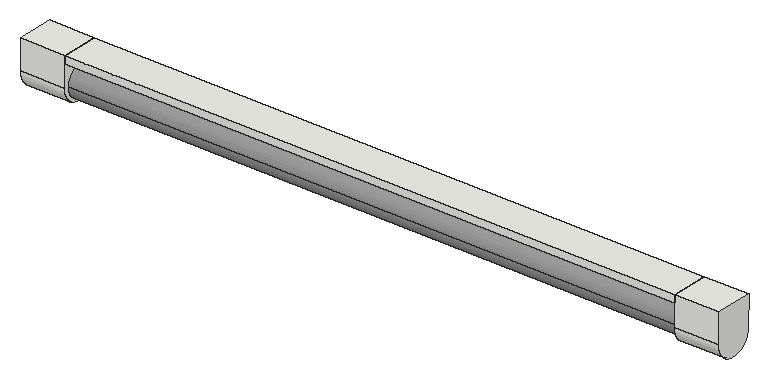
Revit family "M_Luminária embutida - Embutida em armário", category Luminárias, Revit 2019
Family settings
  Cota do conector redondo = Utilizar diâmetro
  Tipo de parte = Normal
  Número OmniClass = 23.80.70.11.14.11
  Título OmniClass = Downlights
  ID de item do Seek = Downlight - Under Cabinet-0000-CAN-ENU
  Com base no plano de trabalho = Não
  Sempre na vertical = Sim
  Corte com vazios quando carregada = Não
  Fonte luminosa = Sim
  Compartilhado = Não
  Ponto de cálculo do ambiente = Não
Parameters (values of type "120V")
  Wattage = 8 W
  built-in parameter 1150110 = 1 (stored number, unit not read)
  built-in parameter 1114217 = 0.88 (stored number, unit not read)
  built-in parameter 1150109 = 1 (stored number, unit not read)
  built-in parameter 1150134 = 8
  built-in parameter 1150113 = 1 (stored number, unit not read)
  Tilt Angle = 90.00°
  Arquivo de rede fotométrica = "DUC1T8.IES"
  built-in parameter 1150115 = 1 (stored number, unit not read)
  built-in parameter 1150105 = 31.831 (stored number, unit not read)
  Classificação de carga = Iluminação - Unidade de interrupção
  built-in parameter 1150137 = 1
  built-in parameter 1150139 = (empty or 0)
  built-in parameter 1150112 = 1 (stored number, unit not read)
  built-in parameter 1150114 = 1 (stored number, unit not read)
  built-in parameter 1150132 = (empty or 0)
  built-in parameter 1150102 = (empty or 0)
  built-in parameter 1150138 = (empty or 0)
  built-in parameter 1150107 = 4230 (stored number, unit not read)
  built-in parameter 1150106 = 0.31831 (stored number, unit not read)
  Emitir do comprimento da linha = Comprimento da luz - 38 mm  # 262 mm
  built-in parameter 1150104 = 4.6452 (stored number, unit not read)
  Dimming Lamp Color Temperature Shift = (empty or 0)
  Color Filter = 16777215
  Voltagem do transformador = 120 V
  Transformador por número de postes = 1
  built-in parameter 1114218 = 0.88 (stored number, unit not read)
  built-in parameter 1150133 = 10 (stored number, unit not read)
  Código de montagem = "D5020210"
  Lâmpada = "T-8"
  Comprimento da luz = 300 mm
  Elevação da luz = 1350 mm
  Lumens = 400 lm
  Comentários de voltagem = "8"
  Carga aparente = 8 VA
Types (3, lengths in mm): name | Voltagem do transformador
  (no name) | 120 V
  120V | 120 V
  277V | 277 V
Reference planes
  plane 1 "Eixo de origem da luz": y = 0
  plane 2: z = 0
  plane 3 "Eixo de origem da luz": x = 0
  plane 4 "Elevação da origem da luz": z = 1337.3
  plane 5: x = -150
  plane 6: x = 150
  plane 7: x = 130.95
  plane 8: x = -130.95
  plane 9: z = 1350
  plane 10: z = 1330.9
Forms (mm)
  Sweep 1, solid, material "Vidro, Branco, Alta Luminosidade"
    path origin (0, 0, 1337.3) x (0, -1, 0) y (1, 0, 0)
      loop
        line (0, -130.95) -> (0, 130.95)
    profile origin (0, 0, 1358.9) x (0, 1, 0) y (0, 0, 1)
      loop
        circle (0, -21.6) r 6.35
  Extrusion 2, solid, material "Aço, acabamento de pintura, marfim, com brilho"
    sketch origin (304.8, 0, 1371.6) x (0, 1, 0) y (0, 0, 1)
      loop
        line (7.938, -24.88) -> (7.938, -21.6) -> (-7.937, -21.6) -> (-7.937, -24.88) -> (7.938, -24.88)
    from -435.75 to -173.85
  Extrusion 3, solid, material "Aço, acabamento de pintura, marfim, com brilho"
    sketch origin (-130.95, 0, 1337.3) x (0, 0, 1) y (0, 1, 0)
      loop
        arc (0, 7.938) -> (-7.938, 0) -> (0, -7.937) r 7.938
        line (0, -7.937) -> (12.7, -7.937) -> (12.7, 7.938) -> (0, 7.938)
    from 0 to 19.05
  Extrusion 4, solid, material "Aço, acabamento de pintura, marfim, com brilho"
    sketch origin (130.95, 0, 1330.95) x (0, 1, 0) y (0, 0, 1)
      loop
        arc (-7.938, 6.35) -> (0, -1.588) -> (7.937, 6.35) r 7.938
        line (7.937, 6.35) -> (7.937, 19.05) -> (-7.938, 19.05) -> (-7.938, 6.35)
    from 0 to 19.05
Lines and regions (mm)
  symbolic lines
    curve 1: line (150, 12.7, 0) -> (-150, 12.7, 0)
    curve 2: line (150, -12.7, 0) -> (150, 12.7, 0)
    curve 3: line (-150, -12.7, 0) -> (150, -12.7, 0)
    curve 4: line (-150, 12.7, 0) -> (-150, -12.7, 0)
Dimensions and locks
  "Comprimento da luz": plane 5 to plane 6
  plane 5 to plane 8 = 19.05 mm
  plane 7 to plane 6 = 19.05 mm
  locked: plane 9 to plane 4 "Elevação da origem da luz" at 12.7
  "Elevação da luz": plane 9 to plane 2
  equal spacing: plane 5, plane 3 "Eixo de origem da luz", plane 6
  locked: plane 4 "Elevação da origem da luz" to plane 10 at 6.4
  aligned and locked: plane 8 to Sweep 1 sketch curve
  aligned and locked: plane 7 to Sweep 1 sketch curve
  aligned and locked: plane 3 "Eixo de origem da luz" to imposter light
  aligned and locked: plane 1 "Eixo de origem da luz" to imposter light
  aligned and locked: plane 4 "Elevação da origem da luz" to Extrusion 3 sketch curve
  aligned and locked: plane 1 "Eixo de origem da luz" to Extrusion 3 sketch curve
  aligned and locked: Extrusion 3 to plane 9
  aligned and locked: plane 4 "Elevação da origem da luz" to Extrusion 4 sketch curve
  aligned and locked: plane 1 "Eixo de origem da luz" to Extrusion 4 sketch curve
  aligned and locked: Extrusion 4 to plane 9
  aligned and locked: plane 8 to Extrusion 2
  aligned and locked: Extrusion 2 to plane 7
  aligned and locked: Extrusion 2 to plane 9
  aligned and locked: plane 10 to imposter light
Automatic sketch dimensions
  Sweep 1 sketch curve to plane 4 "Elevação da origem da luz" = 0 mm
  Sweep 1 sketch curve to profile plane = 0 mm
  profile plane to Sweep 1 sketch curve = 6.35 mm
  Sweep 1 sketch curve to plane 1 "Eixo de origem da luz" = 0 mm
  Extrusion 2 sketch curve to Extrusion 2 sketch curve = 3.28 mm
  curve 4 to plane 1 "Eixo de origem da luz" = 12.7 mm
  curve 4 to plane 5 = 0 mm
  plane 1 "Eixo de origem da luz" to curve 3 = 12.7 mm
  plane 1 "Eixo de origem da luz" to Extrusion 2 sketch curve = 7.937 mm
  Extrusion 2 sketch curve to plane 1 "Eixo de origem da luz" = 7.938 mm
  Extrusion 2 sketch curve to plane 4 "Elevação da origem da luz" = 9.42 mm
  plane 1 "Eixo de origem da luz" to Extrusion 3 sketch curve = 7.937 mm
  plane 1 "Eixo de origem da luz" to Extrusion 4 sketch curve = 7.938 mm
  Extrusion 3 sketch curve to plane 9 = 0 mm
  Extrusion 4 sketch curve to plane 9 = 0 mm
  curve 3 to plane 6 = 0 mm
Connectors
  electrical at (0, 0, 1350), driven by "Carga aparente", driven by "Voltagem do transformador", driven by "Transformador por número de postes", driven by "Classificação de carga"
    settings: on Extrusion 2, index 1, voltage 120 V, apparent load 0 VA, apparent load phase1 8 VA, apparent load phase2 0 VA, apparent load phase3 0 VA, power factor 0.95, load classification "Iluminação - Unidade de interrupção", number of poles 1, system type 31, power factor state 1, is connector primary yes, connector utility no, sub classification motor no, connector description ""
